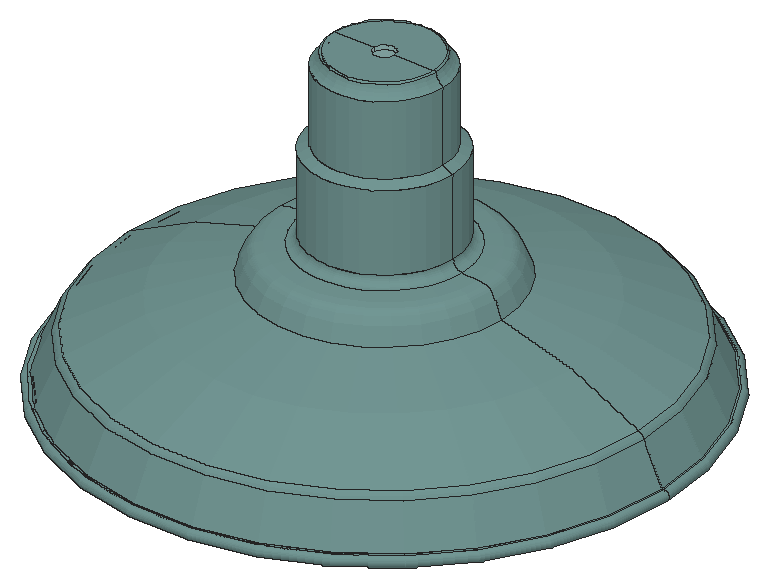
Revit family "S314 SHADE", category Lighting Fixtures, Revit 2024
Family settings
  Round Connector Dimension = Use Diameter
  Part Type = Normal
  OmniClass Number = 23.80.70.00
  OmniClass Title = Lighting
  Work Plane-Based = No
  Always vertical = Yes
  Cut with Voids When Loaded = No
  Light Source = Yes
  Maintain Annotation Orientation = No
  Shared = No
  Room Calculation Point = No
Parameters
  Wattage = 12.1178 W
  built-in parameter 1150110 = 1 (stored number, unit not read)
  built-in parameter 1114217 = 1 (stored number, unit not read)
  built-in parameter 1150109 = 1 (stored number, unit not read)
  built-in parameter 1150134 = (empty or 0)
  built-in parameter 1150113 = 1 (stored number, unit not read)
  Lumens = 1800 lm
  built-in parameter 1150115 = 1 (stored number, unit not read)
  built-in parameter 1150105 = 572.96 (stored number, unit not read)
  Light Source Symbol Size = 2' - 0"
  built-in parameter 1150137 = (empty or 0)
  built-in parameter 1150139 = (empty or 0)
  built-in parameter 1150112 = 1 (stored number, unit not read)
  built-in parameter 1150114 = 1 (stored number, unit not read)
  built-in parameter 1150132 = 2
  built-in parameter 1150102 = (empty or 0)
  built-in parameter 1150138 = (empty or 0)
  built-in parameter 1150107 = 3000 (stored number, unit not read)
  built-in parameter 1150106 = 5.7296 (stored number, unit not read)
  built-in parameter 1150104 = 13.8 (stored number, unit not read)
  Dimming Lamp Color Temperature Shift = (empty or 0)
  Default Elevation = 0' - 0"
  Color Filter = 16777215
  built-in parameter 1114218 = 1 (stored number, unit not read)
  built-in parameter 1150133 = 10 (stored number, unit not read)
Reference planes (in)
  plane 1 "Light Source Axis (F/B)": y = 0
  plane 2: z = 0
  plane 3 "Light Source Axis (L/R)": x = 0
  plane 4 "Light Source Elevation": z = 54
Forms (in)
  Revolve 1, solid
    sketch origin (0, 0, 0) x (1, 0, 0) y (0, 0, 1)
      loop
        spline (-1.91796, 57.29519) -> (-2.15211, 57.27982) -> (-2.31111, 57.26303) -> (-2.41411, 57.24512) -> (-2.48025, 57.22637) -> (-2.52769, 57.20673) -> (-2.56662, 57.18329) -> (-2.60331, 57.15179) -> (-2.64401, 57.10789) -> (-2.69295, 57.04411) -> (-2.75114, 56.94789) -> (-2.81931, 56.80623) -> (-2.89819, 56.60611)
        arc (-2.89819, 56.60611) -> (-4.6334, 56.11102) -> (-6.26433, 55.33893) r 11.00051
        arc (-6.26433, 55.33893) -> (-6.33983, 55.27025) -> (-6.39402, 55.18376) r 0.375
        line (-6.39402, 55.18376) -> (-6.81455, 54.25) -> (-6.875, 54.25)
        arc (-6.875, 54.25) -> (-6.95155, 54.02619) -> (-6.75396, 54.15623) r 0.125
        line (-6.75396, 54.15623) -> (-6.30853, 55.14526)
        arc (-6.30853, 55.14526) -> (-6.26897, 55.20883) -> (-6.21404, 55.25971) r 0.28125
        arc (-6.21404, 55.25971) -> (-4.57394, 56.03319) -> (-2.82835, 56.52425) r 10.90676
        spline (-2.82835, 56.52425) -> (-2.74778, 56.73615) -> (-2.67974, 56.8833) -> (-2.62433, 56.97914) -> (-2.57914, 57.03999) -> (-2.54204, 57.08094) -> (-2.51457, 57.10548) -> (-2.48931, 57.12128) -> (-2.45283, 57.13673) -> (-2.39798, 57.15269) -> (-2.3038, 57.16942) -> (-2.14924, 57.18597) -> (-1.91529, 57.20146)
        arc (-1.91529, 57.20146) -> (-1.69253, 57.29538) -> (-1.60049, 57.51891) r 0.31747
        line (-1.60049, 57.51891) -> (-1.60049, 59.31994) -> (-1.35625, 59.44206) -> (-1.35625, 61.15387)
        arc (-1.35625, 61.15387) -> (-1.25119, 61.26837) -> (-1.17951, 61.40625) r 0.59261
        line (-1.17951, 61.40625) -> (-0.25, 61.40625) -> (-0.25, 61.5) -> (-1.21259, 61.5)
        arc (-1.21259, 61.5) -> (-1.23759, 61.4933) -> (-1.25589, 61.475) r 0.05
        arc (-1.25589, 61.475) -> (-1.32905, 61.32063) -> (-1.45, 61.2) r 0.49886
        line (-1.45, 61.2) -> (-1.45, 59.5) -> (-1.69424, 59.37788) -> (-1.69424, 57.51891)
        arc (-1.69424, 57.51891) -> (-1.75977, 57.36072) -> (-1.91796, 57.29519) r 0.22372
      axis (0, 61.5) -> (0, 54.15623)
    angle from 0 to 360
Dimensions and locks (in)
  aligned and locked: plane 3 "Light Source Axis (L/R)" to imposter light
  aligned and locked: plane 1 "Light Source Axis (F/B)" to imposter light
  aligned and locked: plane 4 "Light Source Elevation" to imposter light
  aligned and locked: level to plane 2
